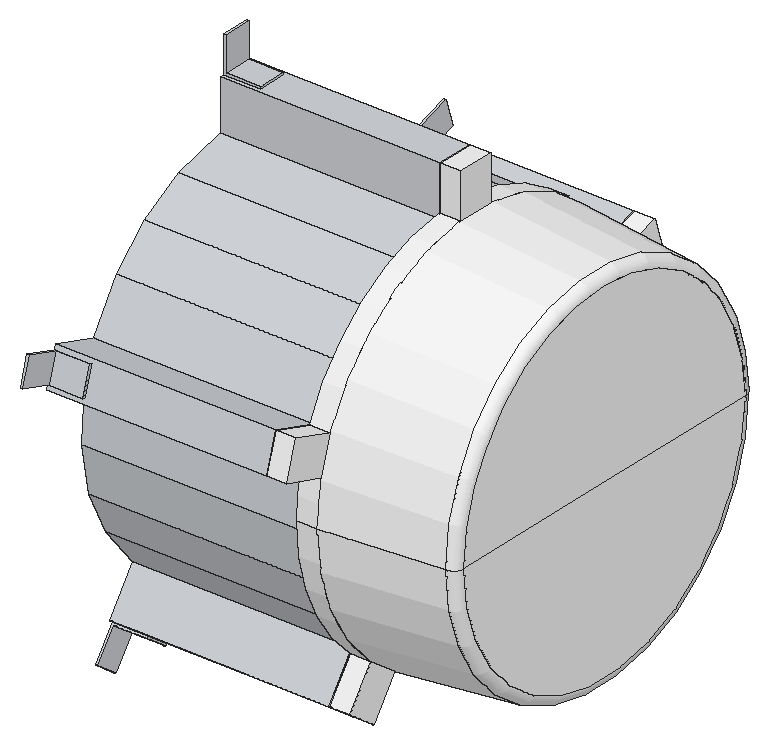
Revit family "315C", category Pipe Accessories, Revit 2021
Family settings
  Round Connector Dimension = Use Diameter
  Part Type = Breaks Into
  Work Plane-Based = No
  Always vertical = No
  Cut with Voids When Loaded = No
  Shared = No
Parameters
  URL = "http://www.snapcollars.com"
  Model = "250C"
  Manufacturer = "Snap Fire Systems"
  Description = "The 250C is a metal, cast-in fire collar for concrete slabs (See installation instructions for details)."
  Default Elevation = 0 mm
Reference planes
  plane 1 "Center (Front/Back)": y = 0
  plane 2: z = 0
  plane 3 "Center (Left/Right)": x = -209.633
  plane 4: x = -230
  plane 5: x = -203.768
  plane 6: y = 90.593
  plane 7: y = -50
  plane 8: y = 100.593
  plane 9: y = -60
  plane 10: x = -217.944
  plane 11: x = -79.975
  plane 12: y = 90.593
  plane 13: y = -50
  plane 14: y = 100.593
  plane 15: y = -60
  plane 16: x = -79.975
  plane 17: y = 0
Forms (mm)
  Revolve 1, solid, material "PVC-White", detail levels medium+fine
    sketch origin (0, 0, 0) x (1, 0, 0) y (0, 1, 0)
      loop
        line (-84.827, 0) -> (-212.327, 0) -> (-212.327, -168.5) -> (-194.827, -168.5) -> (-93.006, -158.961)
        arc (-93.006, -158.961) -> (-87.178, -156.053) -> (-84.827, -149.98) r 9.02
        line (-84.827, -149.98) -> (-84.827, 0)
      axis (-212.327, 0) -> (-84.827, 0)
    angle from 0 to 360
  Extrusion 2, solid, material "PVC-White", not visible, detail levels fine
    sketch origin (0, 0, 0) x (1, 0, 0) y (0, 0, 1)
      loop
        line (-80, 60.418) -> (-227.967, 86.048) -> (-227.967, 69.12) -> (-80, 60.418)
    from -1.5 to 1.5
  Extrusion 3, solid, material "PVC-White", not visible, detail levels fine
    sketch origin (0, 0, 0) x (1, 0, 0) y (0, -0.5, 0.866025)
      loop
        line (-80, 60.418) -> (-227.967, 86.048) -> (-227.967, 69.12) -> (-80, 60.418)
    from -1.5 to 1.5
  Extrusion 4, solid, material "PVC-White", not visible, detail levels fine
    sketch origin (0, 0, 0) x (1, 0, 0) y (0, -0.866025, 0.5)
      loop
        line (-80, 60.418) -> (-227.967, 86.048) -> (-227.967, 69.12) -> (-80, 60.418)
    from -1.5 to 1.5
  Extrusion 5, solid, material "PVC-White", not visible, detail levels fine
    sketch origin (0, 0, 0) x (0, -1, 0) y (-1, 0, 0)
      loop
        line (60.418, 80) -> (86.048, 227.967) -> (69.12, 227.967) -> (60.418, 80)
    from -1.5 to 1.5
  Extrusion 6, solid, material "PVC-White", not visible, detail levels fine
    sketch origin (0, 0, 0) x (1, 0, 0) y (0, -0.866025, -0.5)
      loop
        line (-80, 60.418) -> (-227.967, 86.048) -> (-227.967, 69.12) -> (-80, 60.418)
    from -1.5 to 1.5
  Extrusion 7, solid, material "PVC-White", not visible, detail levels fine
    sketch origin (0, 0, 0) x (1, 0, 0) y (0, -0.5, -0.866025)
      loop
        line (-80, 60.418) -> (-227.967, 86.048) -> (-227.967, 69.12) -> (-80, 60.418)
    from -1.5 to 1.5
  Extrusion 8, solid, material "PVC-White", not visible, detail levels fine
    sketch origin (0, 0, 0) x (1, 0, 0) y (0, 0, -1)
      loop
        line (-80, 60.418) -> (-227.967, 86.048) -> (-227.967, 69.12) -> (-80, 60.418)
    from -1.5 to 1.5
  Extrusion 9, solid, material "PVC-White", not visible, detail levels fine
    sketch origin (0, 0, 0) x (1, 0, 0) y (0, 0.5, -0.866025)
      loop
        line (-80, 60.418) -> (-227.967, 86.048) -> (-227.967, 69.12) -> (-80, 60.418)
    from -1.5 to 1.5
  Extrusion 10, solid, material "PVC-White", not visible, detail levels fine
    sketch origin (0, 0, 0) x (1, 0, 0) y (0, 0.866025, -0.5)
      loop
        line (-80, 60.418) -> (-227.967, 86.048) -> (-227.967, 69.12) -> (-80, 60.418)
    from -1.5 to 1.5
  Extrusion 11, solid, material "PVC-White", not visible, detail levels fine
    sketch origin (0, 0, 0) x (1, 0, 0) y (0, 1, 0)
      loop
        line (-80, 60.418) -> (-227.967, 86.048) -> (-227.967, 69.12) -> (-80, 60.418)
    from -1.5 to 1.5
  Extrusion 12, solid, material "PVC-White", not visible, detail levels fine
    sketch origin (0, 0, 0) x (1, 0, 0) y (0, 0.866025, 0.5)
      loop
        line (-80, 60.418) -> (-227.967, 86.048) -> (-227.967, 69.12) -> (-80, 60.418)
    from -1.5 to 1.5
  Extrusion 13, solid, material "PVC-White", not visible, detail levels fine
    sketch origin (0, 0, 0) x (1, 0, 0) y (0, 0.5, 0.866025)
      loop
        line (-80, 60.418) -> (-227.967, 86.048) -> (-227.967, 69.12) -> (-80, 60.418)
    from -1.5 to 1.5
  Extrusion 14, solid, material "PVC-White", not visible, detail levels medium+fine
    sketch origin (0, 0, 0) x (1, 0, 0) y (0, 0, 1)
      loop
        line (-312.827, 134.469) -> (-194.827, 134.469) -> (-194.827, 168.169) -> (-312.827, 168.169) -> (-312.827, 134.469)
    from -12 to 12
  Extrusion 15, solid
    sketch origin (-212.327, 0, 0) x (0, 0, -1) y (0, -1, 0)
      loop
        line (-163.542, -16) -> (-152.18, -60.252) -> (-132.415, -96.205) -> (-104.33, -126.113) -> (-65.754, -150.594) -> (-78.83, -190.837) -> (-48.396, -200.725) -> (-35.32, -160.482) -> (10.277, -163.351) -> (50.578, -155.663) -> (87.701, -138.194) -> (122.904, -109.072) -> (157.137, -133.944) -> (175.946, -108.055) -> (141.713, -83.183) -> (158.532, -40.704) -> (163.674, 0) -> (158.532, 40.704) -> (141.713, 83.183) -> (175.946, 108.055) -> (157.137, 133.944) -> (122.904, 109.072) -> (87.701, 138.194) -> (50.578, 155.663) -> (10.277, 163.351) -> (-35.32, 160.482) -> (-48.396, 200.725) -> (-78.83, 190.837) -> (-65.754, 150.594) -> (-104.33, 126.113) -> (-132.415, 96.205) -> (-152.18, 60.252) -> (-163.542, 16) -> (-205.856, 16) -> (-205.856, -16) -> (-163.542, -16)
    from 0 to 187
  Extrusion 16, solid, material "PVC-White", detail levels medium+fine
    sketch origin (-212.327, 0, 0) x (0, 0, 1) y (0, -1, 0)
      loop
        line (157.945, 16) -> (157.945, -16) -> (205.856, -16) -> (205.856, 16) -> (157.945, 16)
    from 0 to 17.5
  Extrusion 17, solid, material "PVC-White", not visible
    sketch origin (-212.327, 0, 0) x (0, 0, 1) y (0, -1, 0)
      loop
        line (114.72, 16) -> (114.72, -16) -> (171.469, -16) -> (171.469, 16) -> (114.72, 16)
    from 0 to 17.5
  Extrusion 18, solid, material "PVC-White", not visible
    sketch origin (-212.327, 0, 0) x (0, 0, 1) y (0, -1, 0)
      loop
        line (114.72, 16) -> (114.72, -16) -> (171.469, -16) -> (171.469, 16) -> (114.72, 16)
    from 0 to 17.5
  Extrusion 19, solid, material "PVC-White", not visible
    sketch origin (-212.327, 0, 0) x (0, 0.951057, 0.309017) y (0, -0.309017, 0.951057)
      loop
        line (114.72, 16) -> (114.72, -16) -> (171.469, -16) -> (171.469, 16) -> (114.72, 16)
    from 0 to 17.5
  Extrusion 20, solid, material "PVC-White", not visible
    sketch origin (-212.327, 0, 0) x (0, 0.587785, -0.809017) y (0, 0.809017, 0.587785)
      loop
        line (114.72, 16) -> (114.72, -16) -> (171.469, -16) -> (171.469, 16) -> (114.72, 16)
    from 0 to 17.5
  Extrusion 21, solid, material "PVC-White", not visible
    sketch origin (-212.327, 0, 0) x (0, -0.587785, -0.809017) y (0, 0.809017, -0.587785)
      loop
        line (114.72, 16) -> (114.72, -16) -> (171.469, -16) -> (171.469, 16) -> (114.72, 16)
    from 0 to 17.5
  Extrusion 22, solid, material "PVC-White", not visible
    sketch origin (-212.327, 0, 0) x (0, -0.951057, 0.309017) y (0, -0.309017, -0.951057)
      loop
        line (114.72, 16) -> (114.72, -16) -> (171.469, -16) -> (171.469, 16) -> (114.72, 16)
    from 0 to 17.5
  Revolve 23, solid, material "PVC-White", not visible, detail levels medium+fine
    sketch origin (0, 0, 0) x (1, 0, 0) y (0, 1, 0)
      loop
        line (-84.827, 0) -> (-212.327, 0) -> (-212.327, -116.5) -> (-212.327, -134.5) -> (-194.827, -134.5) -> (-194.827, -116.5) -> (-90.676, -111.3)
        arc (-90.676, -111.3) -> (-86.523, -109.395) -> (-84.827, -105.152) r 6.156
        line (-84.827, -105.152) -> (-84.827, 0)
      axis (-212.327, 0) -> (-84.827, 0)
    angle from 0 to 360
  Extrusion 24, solid, material "PVC-White", not visible
    sketch origin (-212.327, 0, 0) x (0, 0, 1) y (0, -1, 0)
      loop
        line (114.72, 16) -> (114.72, -16) -> (171.469, -16) -> (171.469, 16) -> (114.72, 16)
    from 0 to 17.5
  Extrusion 25, solid, material "PVC-White", not visible
    sketch origin (-212.327, 0, 0) x (0, 0.951057, 0.309017) y (0, -0.309017, 0.951057)
      loop
        line (114.72, 16) -> (114.72, -16) -> (171.469, -16) -> (171.469, 16) -> (114.72, 16)
    from 0 to 17.5
  Extrusion 26, solid, material "PVC-White", not visible
    sketch origin (-212.327, 0, 0) x (0, 0.587785, -0.809017) y (0, 0.809017, 0.587785)
      loop
        line (114.72, 16) -> (114.72, -16) -> (171.469, -16) -> (171.469, 16) -> (114.72, 16)
    from 0 to 17.5
  Extrusion 27, solid, material "PVC-White", not visible
    sketch origin (-212.327, 0, 0) x (0, -0.587785, -0.809017) y (0, 0.809017, -0.587785)
      loop
        line (114.72, 16) -> (114.72, -16) -> (171.469, -16) -> (171.469, 16) -> (114.72, 16)
    from 0 to 17.5
  Extrusion 28, solid, material "PVC-White", not visible
    sketch origin (-212.327, 0, 0) x (0, -0.951057, 0.309017) y (0, -0.309017, -0.951057)
      loop
        line (114.72, 16) -> (114.72, -16) -> (171.469, -16) -> (171.469, 16) -> (114.72, 16)
    from 0 to 17.5
  Extrusion 29, solid
    sketch origin (-27.822, 0, 0) x (0, 0, -1) y (-1, 0, 0)
      loop
        line (-205.856, 371.505) -> (-236.856, 371.505) -> (-236.856, 369.505) -> (-207.856, 369.505) -> (-207.856, 340.505) -> (-205.856, 340.505) -> (-205.856, 371.505)
    from -12 to 12
  Extrusion 30, solid, not visible
    sketch origin (0, 0, 0) x (0, 0, -1) y (-1, 0, 0)
      loop
        line (-205.856, 371.505) -> (-236.856, 371.505) -> (-236.856, 369.505) -> (-207.856, 369.505) -> (-207.856, 340.505) -> (-205.856, 340.505) -> (-205.856, 371.505)
    from -12 to 12
  Extrusion 31, solid
    sketch origin (-27.822, 0, 0) x (0, 0.951057, -0.309017) y (-1, 0, 0)
      loop
        line (-205.856, 371.505) -> (-236.856, 371.505) -> (-236.856, 369.505) -> (-207.856, 369.505) -> (-207.856, 340.505) -> (-205.856, 340.505) -> (-205.856, 371.505)
    from -12 to 12
  Extrusion 32, solid
    sketch origin (-27.822, 0, 0) x (0, 0.587785, 0.809017) y (-1, 0, 0)
      loop
        line (-205.856, 371.505) -> (-236.856, 371.505) -> (-236.856, 369.505) -> (-207.856, 369.505) -> (-207.856, 340.505) -> (-205.856, 340.505) -> (-205.856, 371.505)
    from -12 to 12
  Extrusion 33, solid
    sketch origin (-27.822, 0, 0) x (0, -0.587785, 0.809017) y (-1, 0, 0)
      loop
        line (-205.856, 371.505) -> (-236.856, 371.505) -> (-236.856, 369.505) -> (-207.856, 369.505) -> (-207.856, 340.505) -> (-205.856, 340.505) -> (-205.856, 371.505)
    from -12 to 12
  Extrusion 34, solid
    sketch origin (-27.822, 0, 0) x (0, -0.951057, -0.309017) y (-1, 0, 0)
      loop
        line (-205.856, 371.505) -> (-236.856, 371.505) -> (-236.856, 369.505) -> (-207.856, 369.505) -> (-207.856, 340.505) -> (-205.856, 340.505) -> (-205.856, 371.505)
    from -12 to 12
  Extrusion 35, solid, material "PVC-White", detail levels medium+fine
    sketch origin (-212.327, 0, 0) x (0, -0.951057, 0.309017) y (0, -0.309017, -0.951057)
      loop
        line (157.945, 16) -> (157.945, -16) -> (205.856, -16) -> (205.856, 16) -> (157.945, 16)
    from 0 to 17.5
  Extrusion 36, solid, material "PVC-White", detail levels medium+fine
    sketch origin (-212.327, 0, 0) x (0, -0.587785, -0.809017) y (0, 0.809017, -0.587785)
      loop
        line (157.945, 16) -> (157.945, -16) -> (205.856, -16) -> (205.856, 16) -> (157.945, 16)
    from 0 to 17.5
  Extrusion 37, solid, material "PVC-White", detail levels medium+fine
    sketch origin (-212.327, 0, 0) x (0, 0.587785, -0.809017) y (0, 0.809017, 0.587785)
      loop
        line (157.945, 16) -> (157.945, -16) -> (205.856, -16) -> (205.856, 16) -> (157.945, 16)
    from 0 to 17.5
  Extrusion 38, solid, material "PVC-White", detail levels medium+fine
    sketch origin (-212.327, 0, 0) x (0, 0.951057, 0.309017) y (0, -0.309017, 0.951057)
      loop
        line (157.945, 16) -> (157.945, -16) -> (205.856, -16) -> (205.856, 16) -> (157.945, 16)
    from 0 to 17.5
Cuts and joins
  joined: Revolve 1, Extrusion 16, Extrusion 35, Extrusion 36, Extrusion 37, Extrusion 38
Lines and regions (mm)
  model lines
    curve 1: line (-212.327, 0, 0) -> (-85.063, 0, 0)
Dimensions and locks
  Extrusion 2 sketch curve to Extrusion 2 sketch curve = 0 mm
  Extrusion 3 sketch curve to Extrusion 3 sketch curve = 0 mm
  Extrusion 4 sketch curve to Extrusion 4 sketch curve = 0 mm
  Extrusion 5 sketch curve to Extrusion 5 sketch curve = 0 mm
  Extrusion 6 sketch curve to Extrusion 6 sketch curve = 0 mm
  Extrusion 7 sketch curve to Extrusion 7 sketch curve = 0 mm
  Extrusion 8 sketch curve to Extrusion 8 sketch curve = 0 mm
  Extrusion 9 sketch curve to Extrusion 9 sketch curve = 0 mm
  Extrusion 10 sketch curve to Extrusion 10 sketch curve = 0 mm
  Extrusion 11 sketch curve to Extrusion 11 sketch curve = 0 mm
  Extrusion 12 sketch curve to Extrusion 12 sketch curve = 0 mm
  Extrusion 13 sketch curve to Extrusion 13 sketch curve = 0 mm
  aligned and locked: level to plane 2
Connectors
  piping at (-217.944, 0, 0), diameter 315
    settings: on plane 10, index 4, connector inside diameter 609.6 mm, connector length 0 mm, flow factor 0, pipe flow 0.0 L/s, pressure drop 0.0 Pa, fitting loss kfactor 0, connector angle 0.00°, fixture units 0, engagement length 0 mm, angle of deflection 0.00°, flow configuration 0, flow direction 0, fitting loss method 0, system type 7, joint type 0, gender type 0, connector reference index -1, connector utility 0, adjustable connector no, is connector primary yes, connector description ""
  piping at (-203.768, 0, 0), diameter 315
    settings: on plane 5, index 5, connector inside diameter 609.6 mm, connector length 0 mm, flow factor 0, pipe flow 0.0 L/s, pressure drop 0.0 Pa, fitting loss kfactor 0, connector angle 0.00°, fixture units 0, engagement length 0 mm, angle of deflection 0.00°, flow configuration 0, flow direction 0, fitting loss method 0, system type 7, joint type 0, gender type 0, connector reference index -1, connector utility 0, adjustable connector no, is connector primary no, connector description ""
